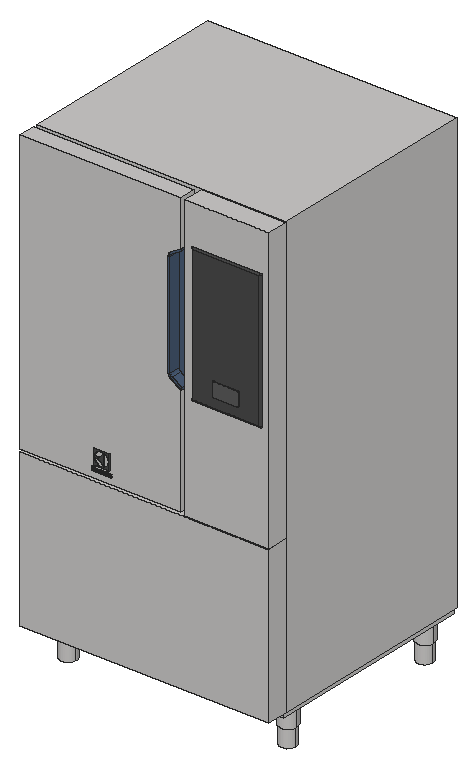
Revit family "QF_ELECTROLUXPROFESSIONAL_727736_EBFA11E", category Specialty Equipment, Revit 2018 (continued)
Lines and regions (mm)
  Split face 222
    outline origin (-5.81, -295.149, -213.119) x (-1, 0, 0) y (0, 0, -1)
      loop
        line (490.638, -548.639) -> (600.654, -548.639) -> (600.654, -543.665) -> (490.638, -543.665) -> (490.638, -548.639)
  Split face 223
    outline origin (-5.81, -295.149, -203.619) x (-1, 0, 0) y (0, 0, -1)
      loop
        line (490.638, -548.639) -> (600.654, -548.639) -> (600.654, -543.665) -> (490.638, -543.665) -> (490.638, -548.639)
  Split face 224
    outline origin (-5.81, -295.149, -194.118) x (-1, 0, 0) y (0, 0, -1)
      loop
        line (490.638, -548.639) -> (600.654, -548.639) -> (600.654, -543.665) -> (490.638, -543.665) -> (490.638, -548.639)
  Split face 225
    outline origin (-5.81, -295.149, -184.618) x (-1, 0, 0) y (0, 0, -1)
      loop
        line (490.638, -548.639) -> (600.654, -548.639) -> (600.654, -543.665) -> (490.638, -543.665) -> (490.638, -548.639)
  Split face 226
    outline origin (-5.81, -295.149, -175.118) x (-1, 0, 0) y (0, 0, -1)
      loop
        line (490.638, -548.639) -> (600.654, -548.639) -> (600.654, -543.665) -> (490.638, -543.665) -> (490.638, -548.639)
  Split face 227
    outline origin (-5.81, -295.149, -165.618) x (-1, 0, 0) y (0, 0, -1)
      loop
        line (490.638, -548.639) -> (600.654, -548.639) -> (600.654, -543.665) -> (490.638, -543.665) -> (490.638, -548.639)
  Split face 228
    outline origin (-5.81, -295.149, -156.118) x (-1, 0, 0) y (0, 0, -1)
      loop
        line (490.638, -548.639) -> (600.654, -548.639) -> (600.654, -543.665) -> (490.638, -543.665) -> (490.638, -548.639)
  Split face 229
    outline origin (-5.81, -295.149, -146.618) x (-1, 0, 0) y (0, 0, -1)
      loop
        line (490.638, -548.639) -> (600.654, -548.639) -> (600.654, -543.665) -> (490.638, -543.665) -> (490.638, -548.639)
  Split face 230
    outline origin (-5.81, -295.149, -137.118) x (-1, 0, 0) y (0, 0, -1)
      loop
        line (490.638, -548.639) -> (600.654, -548.639) -> (600.654, -543.665) -> (490.638, -543.665) -> (490.638, -548.639)
  Split face 231
    outline origin (-5.81, -295.149, -127.618) x (-1, 0, 0) y (0, 0, -1)
      loop
        line (490.638, -548.639) -> (600.654, -548.639) -> (600.654, -543.665) -> (490.638, -543.665) -> (490.638, -548.639)
  Split face 232
    outline origin (-5.81, -295.149, -118.118) x (-1, 0, 0) y (0, 0, -1)
      loop
        line (490.638, -548.639) -> (600.654, -548.639) -> (600.654, -543.665) -> (490.638, -543.665) -> (490.638, -548.639)
  Split face 233
    outline origin (-5.81, -295.149, -108.618) x (-1, 0, 0) y (0, 0, -1)
      loop
        line (490.638, -548.639) -> (600.654, -548.639) -> (600.654, -543.665) -> (490.638, -543.665) -> (490.638, -548.639)
  Split face 234
    outline origin (-5.81, -295.149, -99.118) x (-1, 0, 0) y (0, 0, -1)
      loop
        line (490.638, -548.639) -> (600.654, -548.639) -> (600.654, -543.665) -> (490.638, -543.665) -> (490.638, -548.639)
  Split face 235
    outline origin (-5.81, -295.149, -89.618) x (-1, 0, 0) y (0, 0, -1)
      loop
        line (490.638, -548.639) -> (600.654, -548.639) -> (600.654, -543.665) -> (490.638, -543.665) -> (490.638, -548.639)
  Split face 236
    outline origin (-5.81, -295.149, -80.117) x (-1, 0, 0) y (0, 0, -1)
      loop
        line (490.638, -548.639) -> (600.654, -548.639) -> (600.654, -543.665) -> (490.638, -543.665) -> (490.638, -548.639)
  Split face 237
    outline origin (-5.81, -295.149, -70.617) x (-1, 0, 0) y (0, 0, -1)
      loop
        line (490.638, -548.639) -> (600.654, -548.639) -> (600.654, -543.665) -> (490.638, -543.665) -> (490.638, -548.639)
  Split face 238
    outline origin (-5.81, -295.149, -61.117) x (-1, 0, 0) y (0, 0, -1)
      loop
        line (490.638, -548.639) -> (600.654, -548.639) -> (600.654, -543.665) -> (490.638, -543.665) -> (490.638, -548.639)
  Split face 239
    outline origin (-5.81, -295.149, -51.617) x (-1, 0, 0) y (0, 0, -1)
      loop
        line (490.638, -548.639) -> (600.654, -548.639) -> (600.654, -543.665) -> (490.638, -543.665) -> (490.638, -548.639)
  Split face 240
    outline origin (-5.81, -295.149, -42.117) x (-1, 0, 0) y (0, 0, -1)
      loop
        line (490.638, -548.639) -> (600.654, -548.639) -> (600.654, -543.665) -> (490.638, -543.665) -> (490.638, -548.639)
  Split face 241
    outline origin (-5.81, -295.149, -32.617) x (-1, 0, 0) y (0, 0, -1)
      loop
        line (490.638, -548.639) -> (600.654, -548.639) -> (600.654, -543.665) -> (490.638, -543.665) -> (490.638, -548.639)
  Split face 242
    outline origin (-5.81, -295.149, -23.117) x (-1, 0, 0) y (0, 0, -1)
      loop
        line (490.638, -548.639) -> (600.654, -548.639) -> (600.654, -543.665) -> (490.638, -543.665) -> (490.638, -548.639)
  Split face 243
    outline origin (-5.81, -295.149, -13.617) x (-1, 0, 0) y (0, 0, -1)
      loop
        line (490.638, -548.639) -> (600.654, -548.639) -> (600.654, -543.665) -> (490.638, -543.665) -> (490.638, -548.639)
  Split face 244
    outline origin (-5.81, -295.149, -4.117) x (-1, 0, 0) y (0, 0, -1)
      loop
        line (490.638, -548.639) -> (600.654, -548.639) -> (600.654, -543.665) -> (490.638, -543.665) -> (490.638, -548.639)
  Split face 245
    outline origin (-5.81, -295.149, 5.383) x (-1, 0, 0) y (0, 0, -1)
      loop
        line (490.638, -548.639) -> (600.654, -548.639) -> (600.654, -543.665) -> (490.638, -543.665) -> (490.638, -548.639)
  Split face 246
    outline origin (-5.81, -295.149, 14.883) x (-1, 0, 0) y (0, 0, -1)
      loop
        line (490.638, -548.639) -> (600.654, -548.639) -> (600.654, -543.665) -> (490.638, -543.665) -> (490.638, -548.639)
  Split face 247
    outline origin (-125.802, -295.149, -365.12) x (-1, 0, 0) y (0, 0, -1)
      loop
        line (490.638, -548.639) -> (600.654, -548.639) -> (600.654, -543.665) -> (490.638, -543.665) -> (490.638, -548.639)
  Split face 248
    outline origin (-125.802, -295.149, -355.62) x (-1, 0, 0) y (0, 0, -1)
      loop
        line (490.638, -548.639) -> (600.654, -548.639) -> (600.654, -543.665) -> (490.638, -543.665) -> (490.638, -548.639)
  Split face 249
    outline origin (-125.802, -295.149, -346.12) x (-1, 0, 0) y (0, 0, -1)
      loop
        line (490.638, -548.639) -> (600.654, -548.639) -> (600.654, -543.665) -> (490.638, -543.665) -> (490.638, -548.639)
  Split face 250
    outline origin (-125.802, -295.149, -336.62) x (-1, 0, 0) y (0, 0, -1)
      loop
        line (490.638, -548.639) -> (600.654, -548.639) -> (600.654, -543.665) -> (490.638, -543.665) -> (490.638, -548.639)
  Split face 251
    outline origin (-125.802, -295.149, -327.12) x (-1, 0, 0) y (0, 0, -1)
      loop
        line (490.638, -548.639) -> (600.654, -548.639) -> (600.654, -543.665) -> (490.638, -543.665) -> (490.638, -548.639)
  Split face 252
    outline origin (-125.802, -295.149, -317.619) x (-1, 0, 0) y (0, 0, -1)
      loop
        line (490.638, -548.639) -> (600.654, -548.639) -> (600.654, -543.665) -> (490.638, -543.665) -> (490.638, -548.639)
  Split face 253
    outline origin (-125.802, -295.149, -308.119) x (-1, 0, 0) y (0, 0, -1)
      loop
        line (490.638, -548.639) -> (600.654, -548.639) -> (600.654, -543.665) -> (490.638, -543.665) -> (490.638, -548.639)
  Split face 254
    outline origin (-125.802, -295.149, -298.619) x (-1, 0, 0) y (0, 0, -1)
      loop
        line (490.638, -548.639) -> (600.654, -548.639) -> (600.654, -543.665) -> (490.638, -543.665) -> (490.638, -548.639)
  Split face 255
    outline origin (-125.802, -295.149, -289.119) x (-1, 0, 0) y (0, 0, -1)
      loop
        line (490.638, -548.639) -> (600.654, -548.639) -> (600.654, -543.665) -> (490.638, -543.665) -> (490.638, -548.639)
  Split face 256
    outline origin (-125.802, -295.149, -279.619) x (-1, 0, 0) y (0, 0, -1)
      loop
        line (490.638, -548.639) -> (600.654, -548.639) -> (600.654, -543.665) -> (490.638, -543.665) -> (490.638, -548.639)
  Split face 257
    outline origin (-125.802, -295.149, -270.119) x (-1, 0, 0) y (0, 0, -1)
      loop
        line (490.638, -548.639) -> (600.654, -548.639) -> (600.654, -543.665) -> (490.638, -543.665) -> (490.638, -548.639)
  Split face 258
    outline origin (-125.802, -295.149, -260.619) x (-1, 0, 0) y (0, 0, -1)
      loop
        line (490.638, -548.639) -> (600.654, -548.639) -> (600.654, -543.665) -> (490.638, -543.665) -> (490.638, -548.639)
  Split face 259
    outline origin (-125.802, -295.149, -251.119) x (-1, 0, 0) y (0, 0, -1)
      loop
        line (490.638, -548.639) -> (600.654, -548.639) -> (600.654, -543.665) -> (490.638, -543.665) -> (490.638, -548.639)
  Split face 260
    outline origin (-125.802, -295.149, -241.619) x (-1, 0, 0) y (0, 0, -1)
      loop
        line (490.638, -548.639) -> (600.654, -548.639) -> (600.654, -543.665) -> (490.638, -543.665) -> (490.638, -548.639)
  Split face 261
    outline origin (-125.802, -295.149, -232.119) x (-1, 0, 0) y (0, 0, -1)
      loop
        line (490.638, -548.639) -> (600.654, -548.639) -> (600.654, -543.665) -> (490.638, -543.665) -> (490.638, -548.639)
  Split face 262
    outline origin (-125.802, -295.149, -222.619) x (-1, 0, 0) y (0, 0, -1)
      loop
        line (490.638, -548.639) -> (600.654, -548.639) -> (600.654, -543.665) -> (490.638, -543.665) -> (490.638, -548.639)
  Split face 263
    outline origin (-125.802, -295.149, -213.119) x (-1, 0, 0) y (0, 0, -1)
      loop
        line (490.638, -548.639) -> (600.654, -548.639) -> (600.654, -543.665) -> (490.638, -543.665) -> (490.638, -548.639)
  Split face 264
    outline origin (-125.802, -295.149, -203.619) x (-1, 0, 0) y (0, 0, -1)
      loop
        line (490.638, -548.639) -> (600.654, -548.639) -> (600.654, -543.665) -> (490.638, -543.665) -> (490.638, -548.639)
  Split face 265
    outline origin (-125.802, -295.149, -194.118) x (-1, 0, 0) y (0, 0, -1)
      loop
        line (490.638, -548.639) -> (600.654, -548.639) -> (600.654, -543.665) -> (490.638, -543.665) -> (490.638, -548.639)
  Split face 266
    outline origin (-125.802, -295.149, -184.618) x (-1, 0, 0) y (0, 0, -1)
      loop
        line (490.638, -548.639) -> (600.654, -548.639) -> (600.654, -543.665) -> (490.638, -543.665) -> (490.638, -548.639)
  Split face 267
    outline origin (-125.802, -295.149, -175.118) x (-1, 0, 0) y (0, 0, -1)
      loop
        line (490.638, -548.639) -> (600.654, -548.639) -> (600.654, -543.665) -> (490.638, -543.665) -> (490.638, -548.639)
  Split face 268
    outline origin (-125.802, -295.149, -165.618) x (-1, 0, 0) y (0, 0, -1)
      loop
        line (490.638, -548.639) -> (600.654, -548.639) -> (600.654, -543.665) -> (490.638, -543.665) -> (490.638, -548.639)
  Split face 269
    outline origin (-125.802, -295.149, -156.118) x (-1, 0, 0) y (0, 0, -1)
      loop
        line (490.638, -548.639) -> (600.654, -548.639) -> (600.654, -543.665) -> (490.638, -543.665) -> (490.638, -548.639)
  Split face 270
    outline origin (-125.802, -295.149, -146.618) x (-1, 0, 0) y (0, 0, -1)
      loop
        line (490.638, -548.639) -> (600.654, -548.639) -> (600.654, -543.665) -> (490.638, -543.665) -> (490.638, -548.639)
  Split face 271
    outline origin (-125.802, -295.149, -137.118) x (-1, 0, 0) y (0, 0, -1)
      loop
        line (490.638, -548.639) -> (600.654, -548.639) -> (600.654, -543.665) -> (490.638, -543.665) -> (490.638, -548.639)
  Split face 272
    outline origin (-125.802, -295.149, -127.618) x (-1, 0, 0) y (0, 0, -1)
      loop
        line (490.638, -548.639) -> (600.654, -548.639) -> (600.654, -543.665) -> (490.638, -543.665) -> (490.638, -548.639)
  Split face 273
    outline origin (-125.802, -295.149, -118.118) x (-1, 0, 0) y (0, 0, -1)
      loop
        line (490.638, -548.639) -> (600.654, -548.639) -> (600.654, -543.665) -> (490.638, -543.665) -> (490.638, -548.639)
  Split face 274
    outline origin (-125.802, -295.149, -108.618) x (-1, 0, 0) y (0, 0, -1)
      loop
        line (490.638, -548.639) -> (600.654, -548.639) -> (600.654, -543.665) -> (490.638, -543.665) -> (490.638, -548.639)
  Split face 275
    outline origin (-125.802, -295.149, -99.118) x (-1, 0, 0) y (0, 0, -1)
      loop
        line (490.638, -548.639) -> (600.654, -548.639) -> (600.654, -543.665) -> (490.638, -543.665) -> (490.638, -548.639)
  Split face 276
    outline origin (-125.802, -295.149, -89.618) x (-1, 0, 0) y (0, 0, -1)
      loop
        line (490.638, -548.639) -> (600.654, -548.639) -> (600.654, -543.665) -> (490.638, -543.665) -> (490.638, -548.639)
  Split face 277
    outline origin (-125.802, -295.149, -80.117) x (-1, 0, 0) y (0, 0, -1)
      loop
        line (490.638, -548.639) -> (600.654, -548.639) -> (600.654, -543.665) -> (490.638, -543.665) -> (490.638, -548.639)
  Split face 278
    outline origin (-125.802, -295.149, -70.617) x (-1, 0, 0) y (0, 0, -1)
      loop
        line (490.638, -548.639) -> (600.654, -548.639) -> (600.654, -543.665) -> (490.638, -543.665) -> (490.638, -548.639)
  Split face 279
    outline origin (-125.802, -295.149, -61.117) x (-1, 0, 0) y (0, 0, -1)
      loop
        line (490.638, -548.639) -> (600.654, -548.639) -> (600.654, -543.665) -> (490.638, -543.665) -> (490.638, -548.639)
  Split face 280
    outline origin (-125.802, -295.149, -51.617) x (-1, 0, 0) y (0, 0, -1)
      loop
        line (490.638, -548.639) -> (600.654, -548.639) -> (600.654, -543.665) -> (490.638, -543.665) -> (490.638, -548.639)
  Split face 281
    outline origin (-125.802, -295.149, -42.117) x (-1, 0, 0) y (0, 0, -1)
      loop
        line (490.638, -548.639) -> (600.654, -548.639) -> (600.654, -543.665) -> (490.638, -543.665) -> (490.638, -548.639)
  Split face 282
    outline origin (-125.802, -295.149, -32.617) x (-1, 0, 0) y (0, 0, -1)
      loop
        line (490.638, -548.639) -> (600.654, -548.639) -> (600.654, -543.665) -> (490.638, -543.665) -> (490.638, -548.639)
  Split face 283
    outline origin (-125.802, -295.149, -23.117) x (-1, 0, 0) y (0, 0, -1)
      loop
        line (490.638, -548.639) -> (600.654, -548.639) -> (600.654, -543.665) -> (490.638, -543.665) -> (490.638, -548.639)
  Split face 284
    outline origin (-125.802, -295.149, -13.617) x (-1, 0, 0) y (0, 0, -1)
      loop
        line (490.638, -548.639) -> (600.654, -548.639) -> (600.654, -543.665) -> (490.638, -543.665) -> (490.638, -548.639)
  Split face 285
    outline origin (-125.802, -295.149, -4.117) x (-1, 0, 0) y (0, 0, -1)
      loop
        line (490.638, -548.639) -> (600.654, -548.639) -> (600.654, -543.665) -> (490.638, -543.665) -> (490.638, -548.639)
  Split face 286
    outline origin (-125.802, -295.149, 5.383) x (-1, 0, 0) y (0, 0, -1)
      loop
        line (490.638, -548.639) -> (600.654, -548.639) -> (600.654, -543.665) -> (490.638, -543.665) -> (490.638, -548.639)
  Split face 287
    outline origin (-125.802, -295.149, 14.883) x (-1, 0, 0) y (0, 0, -1)
      loop
        line (490.638, -548.639) -> (600.654, -548.639) -> (600.654, -543.665) -> (490.638, -543.665) -> (490.638, -548.639)
  symbolic lines
    curve 1: line (-759, 547.851, 1731) -> (136, 547.851, 1731)
    curve 2: line (-759, -219.149, 1731) -> (-759, 547.851, 1731)
    curve 3: line (136, -295.149, 1731) -> (-166, -295.149, 1731)
    curve 4: line (136, 547.851, 1731) -> (136, -295.149, 1731)
    curve 5: line (-139.183, 547.851, 1731) -> (-131.09, 639.851, 1731)
    curve 6: line (-131.09, 639.851, 1731) -> (33.141, 639.851, 1731)
    curve 7: line (33.141, 639.851, 1731) -> (41.234, 547.851, 1731)
    curve 8: line (56.5, 576.851, 1731) -> (77.5, 576.851, 1731)
    curve 9: line (77.5, 576.851, 1731) -> (77.5, 547.851, 1731)
    curve 10: line (56.5, 576.851, 1731) -> (56.5, 547.851, 1731)
    curve 11: line (104, -300.149, 1731) -> (-134, -300.149, 1731)
    curve 12: line (-134, -300.149, 1731) -> (-142, -295.149, 1731)
    curve 13: line (104, -300.149, 1731) -> (112, -295.149, 1731)
    curve 18: line (-166, -295.149, 0) -> (-166, -219.149, 0)
    curve 19: line (-166, -219.149, 0) -> (-759, -219.149, 0)
    curve 20: line (-759, -235.149, 0) -> (-180.8, -235.149, 0)
    curve 21: line (-759, -295.149, 0) -> (-759, -235.149, 0)
    curve 22: line (-180.8, -295.149, 0) -> (-759, -295.149, 0)
    curve 23: line (-180.8, -235.149, 0) -> (-180.8, -295.149, 0)
    curve 24: line (-225.54, -296.149, 0) -> (-178.3, -296.149, 0)
    curve 25: line (-178.3, -296.149, 0) -> (-178.3, -256.149, 0)
    curve 26: line (-178.3, -256.149, 0) -> (-180.8, -256.149, 0)
    curve 27: line (-225.54, -296.149, 0) -> (-225.54, -295.149, 0)
  symbolic lines, style "QF_Door-Drawer Clearances", visible <- "Show Clearance"
    curve 14: arc (-180.8, -295.149, 1731) -> (-338.805, -665.108, 1731) -> (-705, -831.649, 1731) r 556
    curve 15: line (-765, -831.649, 1731) -> (-765, -295.149, 1731)
    curve 16: line (-705, -831.649, 1731) -> (-765, -831.649, 1731)
    curve 17: line (-705, -831.649, 1731) -> (-705, -295.149, 1731)
Dimensions and locks
  equal spacing: plane 4 "LEFT", plane 3 "Center Y", plane 6 "RIGHT"
  plane 4 "LEFT" to plane 6 "RIGHT" = 895 mm
  plane 5 "BACK" to plane 7 "FRONT" = 843 mm
  equal spacing: plane 5 "BACK", plane 1 "Center X", plane 7 "FRONT"
  cut or joined group of Extrusion 1, Extrusion 2, Extrusion 3, Extrusion 5, Extrusion 6, Extrusion 7, Extrusion 13 to Extrusion 3 sketch curve = 826 mm
  level to Extrusion 3 sketch curve = 593 mm
  plane 5 "BACK" to Extrusion 6 sketch curve = 398 mm
  plane 4 "LEFT" to Extrusion 6 sketch curve = 400 mm
  Extrusion 3 sketch curve to plane 4 "LEFT" = 826 mm
  aligned and locked: level to plane 2
  aligned and locked: plane 12 to nested 3
  aligned and locked: plane 12 to nested 2
  aligned and locked: plane 10 to nested 1
  aligned and locked: plane 10 to nested 4
  aligned and locked: nested 4 to plane 11
  aligned and locked: nested 3 to plane 11
  aligned and locked: nested 1 to plane 13
  aligned and locked: nested 2 to plane 13
  aligned and locked: Extrusion 12 to Extrusion 11
  aligned and locked: Extrusion 16 to Extrusion 15
Automatic sketch dimensions
  Extrusion 1 sketch curve to plane 5 "BACK" = 0 mm
  Extrusion 1 sketch curve to plane 6 "RIGHT" = 0 mm
  Extrusion 1 sketch curve to plane 4 "LEFT" = 0 mm
  Extrusion 1 sketch curve to plane 13 = 75 mm
  Extrusion 2 sketch curve to plane 5 "BACK" = 0 mm
  Extrusion 2 sketch curve to plane 14 = 0 mm  (x5)
  Extrusion 2 sketch curve to plane 14 = 10 mm
  Extrusion 2 sketch curve to plane 14 = 8 mm
  Extrusion 2 sketch curve to plane 14 = 7.305 mm
  Extrusion 2 sketch curve to plane 14 = 4.997 mm
  plane 14 to Extrusion 2 sketch curve = 8.773 mm  (x4)
  plane 8 to Extrusion 2 sketch curve = 521.023 mm
  Extrusion 2 sketch curve to Extrusion 2 sketch curve = 7.476 mm
  Extrusion 2 sketch curve to Extrusion 2 sketch curve = 25.474 mm
  Extrusion 2 sketch curve to Extrusion 2 sketch curve = 9.313 mm  (x4)
  Extrusion 2 sketch curve to Extrusion 2 sketch curve = 31.38 mm  (x3)
  Extrusion 2 sketch curve to Extrusion 2 sketch curve = 32.916 mm
  Extrusion 2 sketch curve to Extrusion 2 sketch curve = 50.851 mm
  Extrusion 4 sketch curve to plane 6 "RIGHT" = 0 mm
  Extrusion 4 sketch curve to plane 4 "LEFT" = 0 mm
  Extrusion 4 sketch curve to plane 7 "FRONT" = 0 mm
  plane 7 "FRONT" to Extrusion 4 sketch curve = 75 mm
  Extrusion 5 sketch curve to plane 5 "BACK" = 0 mm
  Extrusion 5 sketch curve to plane 6 "RIGHT" = 9 mm
  plane 4 "LEFT" to Extrusion 5 sketch curve = 9 mm
  Extrusion 5 sketch curve to plane 13 = 73 mm
  Split face 1 sketch curve to Extrusion 4 = 32.492 mm
  Split face 1 sketch curve to Extrusion 4 = 28.525 mm
  Split face 1 sketch curve to Split face 1 sketch curve = 110.016 mm
  Split face 1 sketch curve to Split face 1 sketch curve = 4.974 mm
  Extrusion 7 sketch curve to plane 5 "BACK" = 0 mm  (x2)
  Extrusion 7 sketch curve to plane 14 = 0 mm  (x2)
  Extrusion 7 sketch curve to plane 12 = 41.135 mm
  Extrusion 7 sketch curve to Extrusion 7 sketch curve = 1.631 mm  (x2)
  Extrusion 7 sketch curve to Extrusion 7 sketch curve = 9.723 mm
  Extrusion 7 sketch curve to Extrusion 7 sketch curve = 164.232 mm
  Extrusion 7 sketch curve to Extrusion 7 sketch curve = 8.092 mm
  Extrusion 8 sketch curve to plane 4 "LEFT" = 0 mm
  Extrusion 8 sketch curve to plane 9 "TOP" = 0 mm
  plane 3 "Center Y" to Extrusion 8 sketch curve = 85.96 mm
  Extrusion 8 sketch curve to Extrusion 8 sketch curve = 8.487 mm
  Extrusion 8 sketch curve to Extrusion 8 sketch curve = 8.95 mm
  Extrusion 8 sketch curve to Extrusion 8 sketch curve = 10.513 mm
  Extrusion 8 sketch curve to Extrusion 8 sketch curve = 11.05 mm
  Extrusion 8 sketch curve to Extrusion 8 sketch curve = 35.79 mm
  Extrusion 8 sketch curve to Extrusion 8 sketch curve = 36.253 mm
  Extrusion 8 sketch curve to Extrusion 8 sketch curve = 162.03 mm
  Extrusion 8 sketch curve to Extrusion 8 sketch curve = 24.082 mm
  Extrusion 8 sketch curve to Extrusion 8 sketch curve = 374.913 mm
  Extrusion 8 sketch curve to Extrusion 8 sketch curve = 23.723 mm
  plane 8 to Extrusion 8 sketch curve = 589.524 mm
  Extrusion 9 sketch curve to plane 7 "FRONT" = 0 mm
  Extrusion 9 sketch curve to plane 6 "RIGHT" = 0 mm
  plane 3 "Center Y" to Extrusion 9 sketch curve = 145.5 mm
  plane 7 "FRONT" to Extrusion 9 sketch curve = 75 mm
  plane 3 "Center Y" to Extrusion 11 sketch curve = 85.96 mm
  Extrusion 11 sketch curve to Extrusion 11 sketch curve = 8.487 mm
  Extrusion 11 sketch curve to Extrusion 11 sketch curve = 8.95 mm
  Extrusion 11 sketch curve to Extrusion 11 sketch curve = 19 mm
  Extrusion 11 sketch curve to Extrusion 11 sketch curve = 11.05 mm
  Extrusion 11 sketch curve to plane 9 "TOP" = 186.112 mm
  Extrusion 11 sketch curve to Extrusion 11 sketch curve = 374.913 mm
  Extrusion 11 sketch curve to Extrusion 11 sketch curve = 36.253 mm
  Extrusion 11 sketch curve to Extrusion 11 sketch curve = 35.79 mm
  Extrusion 11 sketch curve to Extrusion 11 sketch curve = 0 mm  (x3)
  Extrusion 11 sketch curve to Extrusion 11 sketch curve = 24.082 mm
  Extrusion 11 sketch curve to Extrusion 11 sketch curve = 23.723 mm
  Extrusion 12 sketch curve to Extrusion 12 sketch curve = 0 mm  (x4)
  plane 3 "Center Y" to Extrusion 12 sketch curve = 133.2 mm  (x2)
  Extrusion 12 sketch curve to Extrusion 12 sketch curve = 2.5 mm  (x2)
  Extrusion 12 sketch curve to Extrusion 12 sketch curve = 27.24 mm
  Extrusion 12 sketch curve to Extrusion 12 sketch curve = 28.24 mm
  Extrusion 12 sketch curve to Extrusion 12 sketch curve = 7.459 mm
  Extrusion 12 sketch curve to Extrusion 12 sketch curve = 6.917 mm
  Extrusion 12 sketch curve to Extrusion 12 sketch curve = 3.591 mm
  Extrusion 12 sketch curve to Extrusion 12 sketch curve = 3.597 mm
  Extrusion 12 sketch curve to Extrusion 12 sketch curve = 5.583 mm
  Extrusion 12 sketch curve to Extrusion 12 sketch curve = 6.5 mm
  Extrusion 12 sketch curve to plane 9 "TOP" = 162.03 mm
  Extrusion 12 sketch curve to Extrusion 12 sketch curve = 6.143 mm
  Extrusion 12 sketch curve to Extrusion 12 sketch curve = 17.939 mm
  Extrusion 12 sketch curve to Extrusion 12 sketch curve = 374.913 mm
  Extrusion 12 sketch curve to Extrusion 12 sketch curve = 23 mm
  Extrusion 12 sketch curve to Extrusion 12 sketch curve = 6.141 mm
  plane 10 to Extrusion 13 sketch curve = 9 mm
  plane 3 "Center Y" to Extrusion 13 sketch curve = 80.7 mm
  Extrusion 13 sketch curve to plane 9 "TOP" = 60 mm
  plane 8 to Extrusion 13 sketch curve = 639 mm
  Split face 2 sketch curve to Extrusion 4 = 32.492 mm
  Split face 2 sketch curve to Extrusion 4 = 38.025 mm
  Split face 2 sketch curve to Split face 2 sketch curve = 110.016 mm
  Split face 2 sketch curve to Split face 2 sketch curve = 4.974 mm
  Split face 3 sketch curve to Extrusion 4 = 32.492 mm
  Split face 3 sketch curve to Extrusion 4 = 47.525 mm
  Split face 3 sketch curve to Split face 3 sketch curve = 110.016 mm
  Split face 3 sketch curve to Split face 3 sketch curve = 4.974 mm
  Split face 4 sketch curve to Extrusion 4 = 32.492 mm
  Split face 4 sketch curve to Split face 4 sketch curve = 110.016 mm
  Split face 4 sketch curve to Extrusion 4 = 61.999 mm
  Split face 4 sketch curve to Split face 4 sketch curve = 4.974 mm
  Split face 5 sketch curve to Extrusion 4 = 32.492 mm
  Split face 5 sketch curve to Split face 5 sketch curve = 110.016 mm
  Split face 5 sketch curve to Extrusion 4 = 71.499 mm
  Split face 5 sketch curve to Split face 5 sketch curve = 4.974 mm
  Split face 6 sketch curve to Extrusion 4 = 32.492 mm
  Split face 6 sketch curve to Split face 6 sketch curve = 110.016 mm
  Split face 6 sketch curve to Extrusion 4 = 80.999 mm
  Split face 6 sketch curve to Split face 6 sketch curve = 4.974 mm
  Split face 7 sketch curve to Extrusion 4 = 32.492 mm
  Split face 7 sketch curve to Split face 7 sketch curve = 110.016 mm
  Split face 7 sketch curve to Extrusion 4 = 90.499 mm
  Split face 7 sketch curve to Split face 7 sketch curve = 4.974 mm
  Split face 8 sketch curve to Extrusion 4 = 32.492 mm
  Split face 8 sketch curve to Split face 8 sketch curve = 110.016 mm
  Split face 8 sketch curve to Extrusion 4 = 99.999 mm
  Split face 8 sketch curve to Split face 8 sketch curve = 4.974 mm
  Split face 9 sketch curve to Extrusion 4 = 32.492 mm
  Split face 9 sketch curve to Split face 9 sketch curve = 110.016 mm
  Split face 9 sketch curve to Extrusion 4 = 109.499 mm
  Split face 9 sketch curve to Split face 9 sketch curve = 4.974 mm
  Split face 10 sketch curve to Extrusion 4 = 32.492 mm
  Split face 10 sketch curve to Split face 10 sketch curve = 110.016 mm
  Split face 10 sketch curve to Extrusion 4 = 119 mm
  Split face 10 sketch curve to Split face 10 sketch curve = 4.974 mm
  Split face 11 sketch curve to Extrusion 4 = 32.492 mm
  Split face 11 sketch curve to Split face 11 sketch curve = 110.016 mm
  Split face 11 sketch curve to Extrusion 4 = 128.5 mm
  Split face 11 sketch curve to Split face 11 sketch curve = 4.974 mm
  Split face 12 sketch curve to Extrusion 4 = 32.492 mm
  Split face 12 sketch curve to Split face 12 sketch curve = 110.016 mm
  Split face 12 sketch curve to Extrusion 4 = 138 mm
  Split face 12 sketch curve to Split face 12 sketch curve = 4.974 mm
  Split face 13 sketch curve to Extrusion 4 = 32.492 mm
  Split face 13 sketch curve to Split face 13 sketch curve = 110.016 mm
  Split face 13 sketch curve to Extrusion 4 = 147.5 mm
  Split face 13 sketch curve to Split face 13 sketch curve = 4.974 mm
  Split face 14 sketch curve to Extrusion 4 = 32.492 mm
  Split face 14 sketch curve to Split face 14 sketch curve = 110.016 mm
  Split face 14 sketch curve to Extrusion 4 = 157 mm
  Split face 14 sketch curve to Split face 14 sketch curve = 4.974 mm
  Split face 15 sketch curve to Extrusion 4 = 32.492 mm
  Split face 15 sketch curve to Split face 15 sketch curve = 110.016 mm
  Split face 15 sketch curve to Extrusion 4 = 166.5 mm
  Split face 15 sketch curve to Split face 15 sketch curve = 4.974 mm
  Split face 16 sketch curve to Extrusion 4 = 32.492 mm
  Split face 16 sketch curve to Split face 16 sketch curve = 110.016 mm
  Split face 16 sketch curve to Extrusion 4 = 176 mm
  Split face 16 sketch curve to Split face 16 sketch curve = 4.974 mm
  Split face 17 sketch curve to Extrusion 4 = 32.492 mm
  Split face 17 sketch curve to Split face 17 sketch curve = 110.016 mm
  Split face 17 sketch curve to Extrusion 4 = 185.5 mm
  Split face 17 sketch curve to Split face 17 sketch curve = 4.974 mm
  Split face 18 sketch curve to Extrusion 4 = 32.492 mm
  Split face 18 sketch curve to Split face 18 sketch curve = 110.016 mm
  Split face 18 sketch curve to Extrusion 4 = 195 mm
  Split face 18 sketch curve to Split face 18 sketch curve = 4.974 mm
  Split face 19 sketch curve to Extrusion 4 = 32.492 mm
  Split face 19 sketch curve to Split face 19 sketch curve = 110.016 mm
  Split face 19 sketch curve to Extrusion 4 = 204.5 mm
  Split face 19 sketch curve to Split face 19 sketch curve = 4.974 mm
  Split face 20 sketch curve to Extrusion 4 = 32.492 mm
  Split face 20 sketch curve to Split face 20 sketch curve = 110.016 mm
  Split face 20 sketch curve to Extrusion 4 = 214 mm
  Split face 20 sketch curve to Split face 20 sketch curve = 4.974 mm
  Split face 21 sketch curve to Extrusion 4 = 32.492 mm
  Split face 21 sketch curve to Split face 21 sketch curve = 110.016 mm
  Split face 21 sketch curve to Extrusion 4 = 223.5 mm
  Split face 21 sketch curve to Split face 21 sketch curve = 4.974 mm
  Split face 22 sketch curve to Extrusion 4 = 32.492 mm
  Split face 22 sketch curve to Split face 22 sketch curve = 110.016 mm
  Split face 22 sketch curve to Extrusion 4 = 233.001 mm
  Split face 22 sketch curve to Split face 22 sketch curve = 4.974 mm
  Split face 23 sketch curve to Extrusion 4 = 32.492 mm
  Split face 23 sketch curve to Split face 23 sketch curve = 110.016 mm
  Split face 23 sketch curve to Extrusion 4 = 242.501 mm
  Split face 23 sketch curve to Split face 23 sketch curve = 4.974 mm
  Split face 24 sketch curve to Extrusion 4 = 32.492 mm
  Split face 24 sketch curve to Split face 24 sketch curve = 110.016 mm
  Split face 24 sketch curve to Extrusion 4 = 252.001 mm
  Split face 24 sketch curve to Split face 24 sketch curve = 4.974 mm
  Split face 25 sketch curve to Extrusion 4 = 32.492 mm
  Split face 25 sketch curve to Split face 25 sketch curve = 110.016 mm
  Split face 25 sketch curve to Extrusion 4 = 261.501 mm
  Split face 25 sketch curve to Split face 25 sketch curve = 4.974 mm
  Split face 26 sketch curve to Extrusion 4 = 32.492 mm
  Split face 26 sketch curve to Split face 26 sketch curve = 110.016 mm
  Split face 26 sketch curve to Extrusion 4 = 271.001 mm
  Split face 26 sketch curve to Split face 26 sketch curve = 4.974 mm
  Split face 27 sketch curve to Extrusion 4 = 32.492 mm
  Split face 27 sketch curve to Split face 27 sketch curve = 110.016 mm
  Split face 27 sketch curve to Extrusion 4 = 279.479 mm
  Split face 27 sketch curve to Split face 27 sketch curve = 4.974 mm
  Split face 28 sketch curve to Extrusion 4 = 32.492 mm
  Split face 28 sketch curve to Split face 28 sketch curve = 110.016 mm
  Split face 28 sketch curve to Extrusion 4 = 269.979 mm
  Split face 28 sketch curve to Split face 28 sketch curve = 4.974 mm
  Split face 29 sketch curve to Extrusion 4 = 32.492 mm
  Split face 29 sketch curve to Split face 29 sketch curve = 110.016 mm
  Split face 29 sketch curve to Extrusion 4 = 260.479 mm
  Split face 29 sketch curve to Split face 29 sketch curve = 4.974 mm
  Split face 30 sketch curve to Extrusion 4 = 32.492 mm
  Split face 30 sketch curve to Split face 30 sketch curve = 110.016 mm
  Split face 30 sketch curve to Extrusion 4 = 250.978 mm
  Split face 30 sketch curve to Split face 30 sketch curve = 4.974 mm
  Split face 31 sketch curve to Extrusion 4 = 32.492 mm
  Split face 31 sketch curve to Split face 31 sketch curve = 110.016 mm
  Split face 31 sketch curve to Extrusion 4 = 241.478 mm
  Split face 31 sketch curve to Split face 31 sketch curve = 4.974 mm
  Split face 32 sketch curve to Extrusion 4 = 32.492 mm
  Split face 32 sketch curve to Split face 32 sketch curve = 110.016 mm
  Split face 32 sketch curve to Extrusion 4 = 231.978 mm
  Split face 32 sketch curve to Split face 32 sketch curve = 4.974 mm
  Split face 33 sketch curve to Extrusion 4 = 32.492 mm
  Split face 33 sketch curve to Split face 33 sketch curve = 110.016 mm
  Split face 33 sketch curve to Extrusion 4 = 222.478 mm
  Split face 33 sketch curve to Split face 33 sketch curve = 4.974 mm
  Split face 34 sketch curve to Extrusion 4 = 32.492 mm
  Split face 34 sketch curve to Split face 34 sketch curve = 110.016 mm
  Split face 34 sketch curve to Extrusion 4 = 212.978 mm
  Split face 34 sketch curve to Split face 34 sketch curve = 4.974 mm
  Split face 35 sketch curve to Extrusion 4 = 32.492 mm
  Split face 35 sketch curve to Split face 35 sketch curve = 110.016 mm
  Split face 35 sketch curve to Extrusion 4 = 203.478 mm
  Split face 35 sketch curve to Split face 35 sketch curve = 4.974 mm
  Split face 36 sketch curve to Extrusion 4 = 32.492 mm
  Split face 36 sketch curve to Split face 36 sketch curve = 110.016 mm
  Split face 36 sketch curve to Extrusion 4 = 193.978 mm
  Split face 36 sketch curve to Split face 36 sketch curve = 4.974 mm
  Split face 37 sketch curve to Extrusion 4 = 32.492 mm
  Split face 37 sketch curve to Split face 37 sketch curve = 110.016 mm
  Split face 37 sketch curve to Extrusion 4 = 184.478 mm
  Split face 37 sketch curve to Split face 37 sketch curve = 4.974 mm
  Split face 38 sketch curve to Extrusion 4 = 32.492 mm
  Split face 38 sketch curve to Split face 38 sketch curve = 110.016 mm
  Split face 38 sketch curve to Extrusion 4 = 174.978 mm
  Split face 38 sketch curve to Split face 38 sketch curve = 4.974 mm
  Split face 39 sketch curve to Extrusion 4 = 32.492 mm
  Split face 39 sketch curve to Split face 39 sketch curve = 110.016 mm
  Split face 39 sketch curve to Extrusion 4 = 165.478 mm
  Split face 39 sketch curve to Split face 39 sketch curve = 4.974 mm
  Split face 40 sketch curve to Extrusion 4 = 32.492 mm
  Split face 40 sketch curve to Split face 40 sketch curve = 110.016 mm
  Split face 40 sketch curve to Extrusion 4 = 155.978 mm
  Split face 40 sketch curve to Split face 40 sketch curve = 4.974 mm
  Split face 41 sketch curve to Extrusion 4 = 32.492 mm
  Split face 41 sketch curve to Split face 41 sketch curve = 110.016 mm
  Split face 41 sketch curve to Extrusion 4 = 146.478 mm
  Split face 41 sketch curve to Split face 41 sketch curve = 4.974 mm
  Split face 42 sketch curve to Extrusion 4 = 33.499 mm
  Split face 42 sketch curve to Extrusion 4 = 152.483 mm
  Split face 42 sketch curve to Extrusion 4 = 28.525 mm
  Split face 42 sketch curve to Split face 42 sketch curve = 110.016 mm
  Split face 43 sketch curve to Extrusion 4 = 42.999 mm
  Split face 43 sketch curve to Extrusion 4 = 152.483 mm
  Split face 43 sketch curve to Extrusion 4 = 38.025 mm
  Split face 43 sketch curve to Split face 43 sketch curve = 110.016 mm
  Split face 44 sketch curve to Extrusion 4 = 52.499 mm
  Split face 44 sketch curve to Extrusion 4 = 152.483 mm
  Split face 44 sketch curve to Extrusion 4 = 47.525 mm
  Split face 44 sketch curve to Split face 44 sketch curve = 110.016 mm
  Split face 45 sketch curve to Extrusion 4 = 61.999 mm
  Split face 45 sketch curve to Extrusion 4 = 152.483 mm
  Split face 45 sketch curve to Split face 45 sketch curve = 110.016 mm
  Split face 45 sketch curve to Split face 45 sketch curve = 4.974 mm
  Split face 46 sketch curve to Extrusion 4 = 71.499 mm
  Split face 46 sketch curve to Extrusion 4 = 152.483 mm
  Split face 46 sketch curve to Split face 46 sketch curve = 110.016 mm
  Split face 46 sketch curve to Split face 46 sketch curve = 4.974 mm
  Split face 47 sketch curve to Extrusion 4 = 152.483 mm
  Split face 47 sketch curve to Split face 47 sketch curve = 110.016 mm
  Split face 47 sketch curve to Extrusion 4 = 80.999 mm
  Split face 47 sketch curve to Split face 47 sketch curve = 4.974 mm
  Split face 48 sketch curve to Extrusion 4 = 152.483 mm
  Split face 48 sketch curve to Split face 48 sketch curve = 110.016 mm
  Split face 48 sketch curve to Extrusion 4 = 90.499 mm
  Split face 48 sketch curve to Split face 48 sketch curve = 4.974 mm
  Split face 49 sketch curve to Extrusion 4 = 152.483 mm
  Split face 49 sketch curve to Split face 49 sketch curve = 110.016 mm
  Split face 49 sketch curve to Extrusion 4 = 99.999 mm
  Split face 49 sketch curve to Split face 49 sketch curve = 4.974 mm
  Split face 50 sketch curve to Extrusion 4 = 152.483 mm
  Split face 50 sketch curve to Split face 50 sketch curve = 110.016 mm
  Split face 50 sketch curve to Extrusion 4 = 109.499 mm
  Split face 50 sketch curve to Split face 50 sketch curve = 4.974 mm
  Split face 51 sketch curve to Extrusion 4 = 152.483 mm
  Split face 51 sketch curve to Split face 51 sketch curve = 110.016 mm
  Split face 51 sketch curve to Extrusion 4 = 119 mm
  Split face 51 sketch curve to Split face 51 sketch curve = 4.974 mm
  Split face 52 sketch curve to Extrusion 4 = 152.483 mm
  Split face 52 sketch curve to Split face 52 sketch curve = 110.016 mm
  Split face 52 sketch curve to Extrusion 4 = 128.5 mm
  Split face 52 sketch curve to Split face 52 sketch curve = 4.974 mm
  Split face 53 sketch curve to Extrusion 4 = 152.483 mm
  Split face 53 sketch curve to Split face 53 sketch curve = 110.016 mm
  Split face 53 sketch curve to Extrusion 4 = 138 mm
  Split face 53 sketch curve to Split face 53 sketch curve = 4.974 mm
  Split face 54 sketch curve to Extrusion 4 = 152.483 mm
  Split face 54 sketch curve to Split face 54 sketch curve = 110.016 mm
  Split face 54 sketch curve to Extrusion 4 = 147.5 mm
  Split face 54 sketch curve to Split face 54 sketch curve = 4.974 mm
  Split face 55 sketch curve to Extrusion 4 = 152.483 mm
  Split face 55 sketch curve to Split face 55 sketch curve = 110.016 mm
  Split face 55 sketch curve to Extrusion 4 = 157 mm
  Split face 55 sketch curve to Split face 55 sketch curve = 4.974 mm
  Split face 56 sketch curve to Extrusion 4 = 152.483 mm
  Split face 56 sketch curve to Split face 56 sketch curve = 110.016 mm
  Split face 56 sketch curve to Extrusion 4 = 166.5 mm
  Split face 56 sketch curve to Split face 56 sketch curve = 4.974 mm
  Split face 57 sketch curve to Extrusion 4 = 152.483 mm
  Split face 57 sketch curve to Split face 57 sketch curve = 110.016 mm
  Split face 57 sketch curve to Extrusion 4 = 176 mm
  Split face 57 sketch curve to Split face 57 sketch curve = 4.974 mm
  Split face 58 sketch curve to Extrusion 4 = 152.483 mm
  Split face 58 sketch curve to Split face 58 sketch curve = 110.016 mm
  Split face 58 sketch curve to Extrusion 4 = 185.5 mm
  Split face 58 sketch curve to Split face 58 sketch curve = 4.974 mm
  Split face 59 sketch curve to Extrusion 4 = 152.483 mm
  Split face 59 sketch curve to Split face 59 sketch curve = 110.016 mm
  Split face 59 sketch curve to Extrusion 4 = 195 mm
  Split face 59 sketch curve to Split face 59 sketch curve = 4.974 mm
  Split face 60 sketch curve to Extrusion 4 = 152.483 mm
  Split face 60 sketch curve to Split face 60 sketch curve = 110.016 mm
  Split face 60 sketch curve to Extrusion 4 = 204.5 mm
  Split face 60 sketch curve to Split face 60 sketch curve = 4.974 mm
  Split face 61 sketch curve to Extrusion 4 = 152.483 mm
  Split face 61 sketch curve to Split face 61 sketch curve = 110.016 mm
  Split face 61 sketch curve to Extrusion 4 = 214 mm
  Split face 61 sketch curve to Split face 61 sketch curve = 4.974 mm
  Split face 62 sketch curve to Extrusion 4 = 152.483 mm
  Split face 62 sketch curve to Split face 62 sketch curve = 110.016 mm
  Split face 62 sketch curve to Extrusion 4 = 223.5 mm
  Split face 62 sketch curve to Split face 62 sketch curve = 4.974 mm
  Split face 63 sketch curve to Extrusion 4 = 152.483 mm
  Split face 63 sketch curve to Split face 63 sketch curve = 110.016 mm
  Split face 63 sketch curve to Extrusion 4 = 233.001 mm
  Split face 63 sketch curve to Split face 63 sketch curve = 4.974 mm
  Split face 64 sketch curve to Extrusion 4 = 152.483 mm
  Split face 64 sketch curve to Split face 64 sketch curve = 110.016 mm
  Split face 64 sketch curve to Extrusion 4 = 242.501 mm
  Split face 64 sketch curve to Split face 64 sketch curve = 4.974 mm
  Split face 65 sketch curve to Extrusion 4 = 152.483 mm
  Split face 65 sketch curve to Split face 65 sketch curve = 110.016 mm
  Split face 65 sketch curve to Extrusion 4 = 252.001 mm
  Split face 65 sketch curve to Split face 65 sketch curve = 4.974 mm
  Split face 66 sketch curve to Extrusion 4 = 152.483 mm
  Split face 66 sketch curve to Split face 66 sketch curve = 110.016 mm
  Split face 66 sketch curve to Extrusion 4 = 261.501 mm
  Split face 66 sketch curve to Split face 66 sketch curve = 4.974 mm
  Split face 67 sketch curve to Extrusion 4 = 152.483 mm
  Split face 67 sketch curve to Split face 67 sketch curve = 110.016 mm
  Split face 67 sketch curve to Extrusion 4 = 271.001 mm
  Split face 67 sketch curve to Split face 67 sketch curve = 4.974 mm
  Split face 68 sketch curve to Extrusion 4 = 152.483 mm
  Split face 68 sketch curve to Split face 68 sketch curve = 110.016 mm
  Split face 68 sketch curve to Extrusion 4 = 279.479 mm
  Split face 68 sketch curve to Split face 68 sketch curve = 4.974 mm
  Split face 69 sketch curve to Extrusion 4 = 152.483 mm
  Split face 69 sketch curve to Split face 69 sketch curve = 110.016 mm
  Split face 69 sketch curve to Extrusion 4 = 269.979 mm
  Split face 69 sketch curve to Split face 69 sketch curve = 4.974 mm
  Split face 70 sketch curve to Extrusion 4 = 152.483 mm
  Split face 70 sketch curve to Split face 70 sketch curve = 110.016 mm
  Split face 70 sketch curve to Extrusion 4 = 260.479 mm
  Split face 70 sketch curve to Split face 70 sketch curve = 4.974 mm
  Split face 71 sketch curve to Extrusion 4 = 152.483 mm
  Split face 71 sketch curve to Split face 71 sketch curve = 110.016 mm
  Split face 71 sketch curve to Extrusion 4 = 250.978 mm
  Split face 71 sketch curve to Split face 71 sketch curve = 4.974 mm
  Split face 72 sketch curve to Extrusion 4 = 152.483 mm
  Split face 72 sketch curve to Split face 72 sketch curve = 110.016 mm
  Split face 72 sketch curve to Extrusion 4 = 241.478 mm
  Split face 72 sketch curve to Split face 72 sketch curve = 4.974 mm
  Split face 73 sketch curve to Extrusion 4 = 152.483 mm
  Split face 73 sketch curve to Split face 73 sketch curve = 110.016 mm
  Split face 73 sketch curve to Extrusion 4 = 231.978 mm
  Split face 73 sketch curve to Split face 73 sketch curve = 4.974 mm
  Split face 74 sketch curve to Extrusion 4 = 152.483 mm
  Split face 74 sketch curve to Split face 74 sketch curve = 110.016 mm
  Split face 74 sketch curve to Extrusion 4 = 222.478 mm
  Split face 74 sketch curve to Split face 74 sketch curve = 4.974 mm
  Split face 75 sketch curve to Extrusion 4 = 152.483 mm
  Split face 75 sketch curve to Split face 75 sketch curve = 110.016 mm
  Split face 75 sketch curve to Extrusion 4 = 212.978 mm
  Split face 75 sketch curve to Split face 75 sketch curve = 4.974 mm
  Split face 76 sketch curve to Extrusion 4 = 152.483 mm
  Split face 76 sketch curve to Split face 76 sketch curve = 110.016 mm
  Split face 76 sketch curve to Extrusion 4 = 203.478 mm
  Split face 76 sketch curve to Split face 76 sketch curve = 4.974 mm
  Split face 77 sketch curve to Extrusion 4 = 152.483 mm
  Split face 77 sketch curve to Split face 77 sketch curve = 110.016 mm
  Split face 77 sketch curve to Extrusion 4 = 193.978 mm
  Split face 77 sketch curve to Split face 77 sketch curve = 4.974 mm
  Split face 78 sketch curve to Extrusion 4 = 152.483 mm
  Split face 78 sketch curve to Split face 78 sketch curve = 110.016 mm
  Split face 78 sketch curve to Extrusion 4 = 184.478 mm
  Split face 78 sketch curve to Split face 78 sketch curve = 4.974 mm
  Split face 79 sketch curve to Extrusion 4 = 152.483 mm
  Split face 79 sketch curve to Split face 79 sketch curve = 110.016 mm
  Split face 79 sketch curve to Extrusion 4 = 174.978 mm
  Split face 79 sketch curve to Split face 79 sketch curve = 4.974 mm
  Split face 80 sketch curve to Extrusion 4 = 152.483 mm
  Split face 80 sketch curve to Split face 80 sketch curve = 110.016 mm
  Split face 80 sketch curve to Extrusion 4 = 165.478 mm
  Split face 80 sketch curve to Split face 80 sketch curve = 4.974 mm
  Split face 81 sketch curve to Extrusion 4 = 152.483 mm
  Split face 81 sketch curve to Split face 81 sketch curve = 110.016 mm
  Split face 81 sketch curve to Extrusion 4 = 155.978 mm
  Split face 81 sketch curve to Split face 81 sketch curve = 4.974 mm
  Split face 82 sketch curve to Extrusion 4 = 152.483 mm
  Split face 82 sketch curve to Split face 82 sketch curve = 110.016 mm
  Split face 82 sketch curve to Extrusion 4 = 146.478 mm
  Split face 82 sketch curve to Split face 82 sketch curve = 4.974 mm
  Split face 83 sketch curve to Extrusion 4 = 33.499 mm
  Split face 83 sketch curve to Extrusion 4 = 272.474 mm
  Split face 83 sketch curve to Extrusion 4 = 28.525 mm
  Split face 83 sketch curve to Split face 83 sketch curve = 110.016 mm
  Split face 84 sketch curve to Extrusion 4 = 42.999 mm
  Split face 84 sketch curve to Extrusion 4 = 272.474 mm
  Split face 84 sketch curve to Extrusion 4 = 38.025 mm
  Split face 84 sketch curve to Split face 84 sketch curve = 110.016 mm
  Split face 85 sketch curve to Extrusion 4 = 52.499 mm
  Split face 85 sketch curve to Extrusion 4 = 272.474 mm
  Split face 85 sketch curve to Extrusion 4 = 47.525 mm
  Split face 85 sketch curve to Split face 85 sketch curve = 110.016 mm
  Split face 86 sketch curve to Extrusion 4 = 61.999 mm
  Split face 86 sketch curve to Extrusion 4 = 272.474 mm
  Split face 86 sketch curve to Split face 86 sketch curve = 110.016 mm
  Split face 86 sketch curve to Split face 86 sketch curve = 4.974 mm
  Split face 87 sketch curve to Extrusion 4 = 71.499 mm
  Split face 87 sketch curve to Extrusion 4 = 272.474 mm
  Split face 87 sketch curve to Split face 87 sketch curve = 110.016 mm
  Split face 87 sketch curve to Split face 87 sketch curve = 4.974 mm
  Split face 88 sketch curve to Extrusion 4 = 80.999 mm
  Split face 88 sketch curve to Extrusion 4 = 272.474 mm
  Split face 88 sketch curve to Split face 88 sketch curve = 110.016 mm
  Split face 88 sketch curve to Split face 88 sketch curve = 4.974 mm
  Split face 89 sketch curve to Extrusion 4 = 90.499 mm
  Split face 89 sketch curve to Extrusion 4 = 272.474 mm
  Split face 89 sketch curve to Split face 89 sketch curve = 110.016 mm
  Split face 89 sketch curve to Split face 89 sketch curve = 4.974 mm
  Split face 90 sketch curve to Extrusion 4 = 99.999 mm
  Split face 90 sketch curve to Extrusion 4 = 272.474 mm
  Split face 90 sketch curve to Split face 90 sketch curve = 110.016 mm
  Split face 90 sketch curve to Split face 90 sketch curve = 4.974 mm
  Split face 91 sketch curve to Extrusion 4 = 109.499 mm
  Split face 91 sketch curve to Extrusion 4 = 272.474 mm
  Split face 91 sketch curve to Split face 91 sketch curve = 110.016 mm
  Split face 91 sketch curve to Split face 91 sketch curve = 4.974 mm
  Split face 92 sketch curve to Extrusion 4 = 119 mm
  Split face 92 sketch curve to Extrusion 4 = 272.474 mm
  Split face 92 sketch curve to Split face 92 sketch curve = 110.016 mm
  Split face 92 sketch curve to Split face 92 sketch curve = 4.974 mm
  Split face 93 sketch curve to Extrusion 4 = 128.5 mm
  Split face 93 sketch curve to Extrusion 4 = 272.474 mm
  Split face 93 sketch curve to Split face 93 sketch curve = 110.016 mm
  Split face 93 sketch curve to Split face 93 sketch curve = 4.974 mm
  Split face 94 sketch curve to Extrusion 4 = 272.474 mm
  Split face 94 sketch curve to Split face 94 sketch curve = 110.016 mm
  Split face 94 sketch curve to Extrusion 4 = 138 mm
  Split face 94 sketch curve to Split face 94 sketch curve = 4.974 mm
  Split face 95 sketch curve to Extrusion 4 = 272.474 mm
  Split face 95 sketch curve to Split face 95 sketch curve = 110.016 mm
  Split face 95 sketch curve to Extrusion 4 = 147.5 mm
  Split face 95 sketch curve to Split face 95 sketch curve = 4.974 mm
  Split face 96 sketch curve to Extrusion 4 = 272.474 mm
  Split face 96 sketch curve to Split face 96 sketch curve = 110.016 mm
  Split face 96 sketch curve to Extrusion 4 = 157 mm
  Split face 96 sketch curve to Split face 96 sketch curve = 4.974 mm
  Split face 97 sketch curve to Extrusion 4 = 272.474 mm
  Split face 97 sketch curve to Split face 97 sketch curve = 110.016 mm
  Split face 97 sketch curve to Extrusion 4 = 166.5 mm
  Split face 97 sketch curve to Split face 97 sketch curve = 4.974 mm
  Split face 98 sketch curve to Extrusion 4 = 272.474 mm
  Split face 98 sketch curve to Split face 98 sketch curve = 110.016 mm
  Split face 98 sketch curve to Extrusion 4 = 176 mm
  Split face 98 sketch curve to Split face 98 sketch curve = 4.974 mm
  Split face 99 sketch curve to Extrusion 4 = 272.474 mm
  Split face 99 sketch curve to Split face 99 sketch curve = 110.016 mm
  Split face 99 sketch curve to Extrusion 4 = 185.5 mm
  Split face 99 sketch curve to Split face 99 sketch curve = 4.974 mm
  Split face 100 sketch curve to Extrusion 4 = 272.474 mm
  Split face 100 sketch curve to Split face 100 sketch curve = 110.016 mm
  Split face 100 sketch curve to Extrusion 4 = 195 mm
  Split face 100 sketch curve to Split face 100 sketch curve = 4.974 mm
  Split face 101 sketch curve to Extrusion 4 = 272.474 mm
  Split face 101 sketch curve to Split face 101 sketch curve = 110.016 mm
  Split face 101 sketch curve to Extrusion 4 = 204.5 mm
  Split face 101 sketch curve to Split face 101 sketch curve = 4.974 mm
  Split face 102 sketch curve to Extrusion 4 = 272.474 mm
  Split face 102 sketch curve to Split face 102 sketch curve = 110.016 mm
  Split face 102 sketch curve to Extrusion 4 = 214 mm
  Split face 102 sketch curve to Split face 102 sketch curve = 4.974 mm
  Split face 103 sketch curve to Extrusion 4 = 272.474 mm
  Split face 103 sketch curve to Split face 103 sketch curve = 110.016 mm
  Split face 103 sketch curve to Extrusion 4 = 223.5 mm
  Split face 103 sketch curve to Split face 103 sketch curve = 4.974 mm
  Split face 104 sketch curve to Extrusion 4 = 272.474 mm
  Split face 104 sketch curve to Split face 104 sketch curve = 110.016 mm
  Split face 104 sketch curve to Extrusion 4 = 233.001 mm
  Split face 104 sketch curve to Split face 104 sketch curve = 4.974 mm
  Split face 105 sketch curve to Extrusion 4 = 272.474 mm
  Split face 105 sketch curve to Split face 105 sketch curve = 110.016 mm
  Split face 105 sketch curve to Extrusion 4 = 242.501 mm
  Split face 105 sketch curve to Split face 105 sketch curve = 4.974 mm
  Split face 106 sketch curve to Extrusion 4 = 272.474 mm
  Split face 106 sketch curve to Split face 106 sketch curve = 110.016 mm
  Split face 106 sketch curve to Extrusion 4 = 252.001 mm
  Split face 106 sketch curve to Split face 106 sketch curve = 4.974 mm
  Split face 107 sketch curve to Extrusion 4 = 272.474 mm
  Split face 107 sketch curve to Split face 107 sketch curve = 110.016 mm
  Split face 107 sketch curve to Extrusion 4 = 261.501 mm
  Split face 107 sketch curve to Split face 107 sketch curve = 4.974 mm
  Split face 108 sketch curve to Extrusion 4 = 272.474 mm
  Split face 108 sketch curve to Split face 108 sketch curve = 110.016 mm
  Split face 108 sketch curve to Extrusion 4 = 271.001 mm
  Split face 108 sketch curve to Split face 108 sketch curve = 4.974 mm
  Split face 109 sketch curve to Extrusion 4 = 272.474 mm
  Split face 109 sketch curve to Split face 109 sketch curve = 110.016 mm
  Split face 109 sketch curve to Extrusion 4 = 279.479 mm
  Split face 109 sketch curve to Split face 109 sketch curve = 4.974 mm
  Split face 110 sketch curve to Extrusion 4 = 272.474 mm
  Split face 110 sketch curve to Split face 110 sketch curve = 110.016 mm
  Split face 110 sketch curve to Extrusion 4 = 269.979 mm
  Split face 110 sketch curve to Split face 110 sketch curve = 4.974 mm
  Split face 111 sketch curve to Extrusion 4 = 272.474 mm
  Split face 111 sketch curve to Split face 111 sketch curve = 110.016 mm
  Split face 111 sketch curve to Extrusion 4 = 260.479 mm
  Split face 111 sketch curve to Split face 111 sketch curve = 4.974 mm
  Split face 112 sketch curve to Extrusion 4 = 272.474 mm
  Split face 112 sketch curve to Split face 112 sketch curve = 110.016 mm
  Split face 112 sketch curve to Extrusion 4 = 250.978 mm
  Split face 112 sketch curve to Split face 112 sketch curve = 4.974 mm
  Split face 113 sketch curve to Extrusion 4 = 272.474 mm
  Split face 113 sketch curve to Split face 113 sketch curve = 110.016 mm
  Split face 113 sketch curve to Extrusion 4 = 241.478 mm
  Split face 113 sketch curve to Split face 113 sketch curve = 4.974 mm
  Split face 114 sketch curve to Extrusion 4 = 272.474 mm
  Split face 114 sketch curve to Split face 114 sketch curve = 110.016 mm
  Split face 114 sketch curve to Extrusion 4 = 231.978 mm
  Split face 114 sketch curve to Split face 114 sketch curve = 4.974 mm
  Split face 115 sketch curve to Extrusion 4 = 272.474 mm
  Split face 115 sketch curve to Split face 115 sketch curve = 110.016 mm
  Split face 115 sketch curve to Extrusion 4 = 222.478 mm
  Split face 115 sketch curve to Split face 115 sketch curve = 4.974 mm
  Split face 116 sketch curve to Extrusion 4 = 272.474 mm
  Split face 116 sketch curve to Split face 116 sketch curve = 110.016 mm
  Split face 116 sketch curve to Extrusion 4 = 212.978 mm
  Split face 116 sketch curve to Split face 116 sketch curve = 4.974 mm
  Split face 117 sketch curve to Extrusion 4 = 272.474 mm
  Split face 117 sketch curve to Split face 117 sketch curve = 110.016 mm
  Split face 117 sketch curve to Extrusion 4 = 203.478 mm
  Split face 117 sketch curve to Split face 117 sketch curve = 4.974 mm
  Split face 118 sketch curve to Extrusion 4 = 272.474 mm
  Split face 118 sketch curve to Split face 118 sketch curve = 110.016 mm
  Split face 118 sketch curve to Extrusion 4 = 193.978 mm
  Split face 118 sketch curve to Split face 118 sketch curve = 4.974 mm
  Split face 119 sketch curve to Extrusion 4 = 272.474 mm
  Split face 119 sketch curve to Split face 119 sketch curve = 110.016 mm
  Split face 119 sketch curve to Extrusion 4 = 184.478 mm
  Split face 119 sketch curve to Split face 119 sketch curve = 4.974 mm
  Split face 120 sketch curve to Extrusion 4 = 272.474 mm
  Split face 120 sketch curve to Split face 120 sketch curve = 110.016 mm
  Split face 120 sketch curve to Extrusion 4 = 174.978 mm
  Split face 120 sketch curve to Split face 120 sketch curve = 4.974 mm
  Split face 121 sketch curve to Extrusion 4 = 272.474 mm
  Split face 121 sketch curve to Split face 121 sketch curve = 110.016 mm
  Split face 121 sketch curve to Extrusion 4 = 165.478 mm
  Split face 121 sketch curve to Split face 121 sketch curve = 4.974 mm
  Split face 122 sketch curve to Extrusion 4 = 272.474 mm
  Split face 122 sketch curve to Split face 122 sketch curve = 110.016 mm
  Split face 122 sketch curve to Extrusion 4 = 155.978 mm
  Split face 122 sketch curve to Split face 122 sketch curve = 4.974 mm
  Split face 123 sketch curve to Extrusion 4 = 272.474 mm
  Split face 123 sketch curve to Split face 123 sketch curve = 110.016 mm
  Split face 123 sketch curve to Extrusion 4 = 146.478 mm
  Split face 123 sketch curve to Split face 123 sketch curve = 4.974 mm
  Split face 124 sketch curve to Extrusion 4 = 33.499 mm
  Split face 124 sketch curve to Extrusion 4 = 392.465 mm
  Split face 124 sketch curve to Extrusion 4 = 28.525 mm
  Split face 124 sketch curve to Split face 124 sketch curve = 110.016 mm
  Split face 125 sketch curve to Extrusion 4 = 42.999 mm
  Split face 125 sketch curve to Extrusion 4 = 392.465 mm
  Split face 125 sketch curve to Extrusion 4 = 38.025 mm
  Split face 125 sketch curve to Split face 125 sketch curve = 110.016 mm
  Split face 126 sketch curve to Extrusion 4 = 52.499 mm
  Split face 126 sketch curve to Extrusion 4 = 392.465 mm
  Split face 126 sketch curve to Extrusion 4 = 47.525 mm
  Split face 126 sketch curve to Split face 126 sketch curve = 110.016 mm
  Split face 127 sketch curve to Extrusion 4 = 61.999 mm
  Split face 127 sketch curve to Extrusion 4 = 392.465 mm
  Split face 127 sketch curve to Split face 127 sketch curve = 110.016 mm
  Split face 127 sketch curve to Split face 127 sketch curve = 4.974 mm
  Split face 128 sketch curve to Extrusion 4 = 71.499 mm
  Split face 128 sketch curve to Extrusion 4 = 392.465 mm
  Split face 128 sketch curve to Split face 128 sketch curve = 110.016 mm
  Split face 128 sketch curve to Split face 128 sketch curve = 4.974 mm
  Split face 129 sketch curve to Extrusion 4 = 80.999 mm
  Split face 129 sketch curve to Extrusion 4 = 392.465 mm
  Split face 129 sketch curve to Split face 129 sketch curve = 110.016 mm
  Split face 129 sketch curve to Split face 129 sketch curve = 4.974 mm
  Split face 130 sketch curve to Extrusion 4 = 90.499 mm
  Split face 130 sketch curve to Extrusion 4 = 392.465 mm
  Split face 130 sketch curve to Split face 130 sketch curve = 110.016 mm
  Split face 130 sketch curve to Split face 130 sketch curve = 4.974 mm
  Split face 131 sketch curve to Extrusion 4 = 99.999 mm
  Split face 131 sketch curve to Extrusion 4 = 392.465 mm
  Split face 131 sketch curve to Split face 131 sketch curve = 110.016 mm
  Split face 131 sketch curve to Split face 131 sketch curve = 4.974 mm
  Split face 132 sketch curve to Extrusion 4 = 109.499 mm
  Split face 132 sketch curve to Extrusion 4 = 392.465 mm
  Split face 132 sketch curve to Split face 132 sketch curve = 110.016 mm
  Split face 132 sketch curve to Split face 132 sketch curve = 4.974 mm
  Split face 133 sketch curve to Extrusion 4 = 119 mm
  Split face 133 sketch curve to Extrusion 4 = 392.465 mm
  Split face 133 sketch curve to Split face 133 sketch curve = 110.016 mm
  Split face 133 sketch curve to Split face 133 sketch curve = 4.974 mm
  Split face 134 sketch curve to Extrusion 4 = 128.5 mm
  Split face 134 sketch curve to Extrusion 4 = 392.465 mm
  Split face 134 sketch curve to Split face 134 sketch curve = 110.016 mm
  Split face 134 sketch curve to Split face 134 sketch curve = 4.974 mm
  Split face 135 sketch curve to Extrusion 4 = 138 mm
  Split face 135 sketch curve to Extrusion 4 = 392.465 mm
  Split face 135 sketch curve to Split face 135 sketch curve = 110.016 mm
  Split face 135 sketch curve to Split face 135 sketch curve = 4.974 mm
  Split face 136 sketch curve to Extrusion 4 = 147.5 mm
  Split face 136 sketch curve to Extrusion 4 = 392.465 mm
  Split face 136 sketch curve to Split face 136 sketch curve = 110.016 mm
  Split face 136 sketch curve to Split face 136 sketch curve = 4.974 mm
  Split face 137 sketch curve to Extrusion 4 = 157 mm
  Split face 137 sketch curve to Extrusion 4 = 392.465 mm
  Split face 137 sketch curve to Split face 137 sketch curve = 110.016 mm
  Split face 137 sketch curve to Split face 137 sketch curve = 4.974 mm
  Split face 138 sketch curve to Extrusion 4 = 166.5 mm
  Split face 138 sketch curve to Extrusion 4 = 392.465 mm
  Split face 138 sketch curve to Split face 138 sketch curve = 110.016 mm
  Split face 138 sketch curve to Split face 138 sketch curve = 4.974 mm
  Split face 139 sketch curve to Extrusion 4 = 176 mm
  Split face 139 sketch curve to Extrusion 4 = 392.465 mm
  Split face 139 sketch curve to Split face 139 sketch curve = 110.016 mm
  Split face 139 sketch curve to Split face 139 sketch curve = 4.974 mm
  Split face 140 sketch curve to Extrusion 4 = 185.5 mm
  Split face 140 sketch curve to Extrusion 4 = 392.465 mm
  Split face 140 sketch curve to Split face 140 sketch curve = 110.016 mm
  Split face 140 sketch curve to Split face 140 sketch curve = 4.974 mm
  Split face 141 sketch curve to Extrusion 4 = 195 mm
  Split face 141 sketch curve to Extrusion 4 = 392.465 mm
  Split face 141 sketch curve to Split face 141 sketch curve = 110.016 mm
  Split face 141 sketch curve to Split face 141 sketch curve = 4.974 mm
  Split face 142 sketch curve to Extrusion 4 = 392.465 mm
  Split face 142 sketch curve to Split face 142 sketch curve = 110.016 mm
  Split face 142 sketch curve to Extrusion 4 = 204.5 mm
  Split face 142 sketch curve to Split face 142 sketch curve = 4.974 mm
  Split face 143 sketch curve to Extrusion 4 = 392.465 mm
  Split face 143 sketch curve to Split face 143 sketch curve = 110.016 mm
  Split face 143 sketch curve to Extrusion 4 = 214 mm
  Split face 143 sketch curve to Split face 143 sketch curve = 4.974 mm
  Split face 144 sketch curve to Extrusion 4 = 392.465 mm
  Split face 144 sketch curve to Split face 144 sketch curve = 110.016 mm
  Split face 144 sketch curve to Extrusion 4 = 223.5 mm
  Split face 144 sketch curve to Split face 144 sketch curve = 4.974 mm
  Split face 145 sketch curve to Extrusion 4 = 392.465 mm
  Split face 145 sketch curve to Split face 145 sketch curve = 110.016 mm
  Split face 145 sketch curve to Extrusion 4 = 233.001 mm
  Split face 145 sketch curve to Split face 145 sketch curve = 4.974 mm
  Split face 146 sketch curve to Extrusion 4 = 392.465 mm
  Split face 146 sketch curve to Split face 146 sketch curve = 110.016 mm
